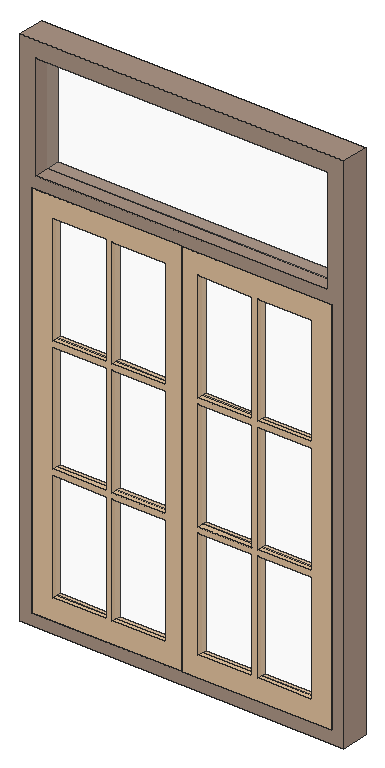
Revit family
Parameters (values of type "1200x1500 mm")
  Ventilator Height = 450 mm
  Top Rail = 60 mm
  Stile = 60 mm
  Material of Shutter = Shutter Material
  Material of Panel = Glass (2)
  Height = 1500 mm
  Frame Width = 60 mm
  Frame Depth = 100 mm
  Material of Frame = Frame Material
  Default Sill Height = 800 mm
  Wall Closure = (empty or 0)
  Width = 1200 mm
  Bottom Rail = 60 mm
Types (4, lengths in mm): name | Width
  (no name) | 1200
  1500x1500 mm | 1500
  1200x1500 mm | 1200
  1800x1500 mm | 1800
Reference planes
  plane 1: y = 0
  plane 2 "Center (Left/Right)": x = 0
  plane 3 "Left": x = -600
  plane 4 "Right": x = 600
  plane 5 "Sill": z = 800
  plane 6 "Head": z = 2300
  plane 7 "Exterior": y = 80
  plane 8 "Interior": y = -70
  plane 9: x = -540
  plane 10: x = 540
  plane 11: y = 50
  plane 12: y = -50
  plane 13: z = 2240
  plane 14: z = 860
  plane 15: x = -480
  plane 16: x = 480
  plane 17: z = 2180
  plane 18: z = 920
  plane 19: x = -60
  plane 20: x = 60
  plane 21: z = 1550
  plane 22: z = 2750
  plane 23: z = 2190
  plane 24: z = 910
  plane 25: z = 1763.333
  plane 26: z = 1336.667
  plane 27: x = -490
  plane 28: x = -50
  plane 29: x = -270
  plane 30: x = 490
  plane 31: x = 50
  plane 32: x = 270
Forms (mm)
  Sweep 1, solid, material "Frame Material"
    path origin (0, 0, 0) x (1, 0, 0) y (0, 0, 1)
      loop
        line (-600, 800) -> (600, 800) -> (600, 2300) -> (-600, 2300) -> (-600, 800)
    profile origin (0, 0, 1550) x (-1, 0, 0) y (0, -1, 0)
      loop
        line (600, 50) -> (555, 50) -> (555, 15) -> (540, 15) -> (540, -50) -> (600, -50) -> (600, 50)
  Extrusion 2, solid, material "Shutter Material" <- "Material of Shutter"
    sketch origin (0, -50, 0) x (1, 0, 0) y (0, 0, 1)
      loop
        line (2.5, 845) -> (555, 845) -> (555, 2255) -> (2.5, 2255) -> (2.5, 845)
      loop
        line (-2.5, 845) -> (-2.5, 2255) -> (-555, 2255) -> (-555, 845) -> (-2.5, 845)
      loop
        line (-480, 2180) -> (-480, 1773.333) -> (-280, 1773.333) -> (-280, 2180) -> (-480, 2180)
      loop
        line (-480, 920) -> (-280, 920) -> (-280, 1326.667) -> (-480, 1326.667) -> (-480, 920)
      loop
        line (-60, 920) -> (-60, 1326.667) -> (-260, 1326.667) -> (-260, 920) -> (-60, 920)
      loop
        line (-60, 2180) -> (-260, 2180) -> (-260, 1773.333) -> (-60, 1773.333) -> (-60, 2180)
      loop
        line (60, 2180) -> (60, 1773.333) -> (260, 1773.333) -> (260, 2180) -> (60, 2180)
      loop
        line (60, 920) -> (260, 920) -> (260, 1326.667) -> (60, 1326.667) -> (60, 920)
      loop
        line (480, 920) -> (480, 1326.667) -> (280, 1326.667) -> (280, 920) -> (480, 920)
      loop
        line (480, 2180) -> (280, 2180) -> (280, 1773.333) -> (480, 1773.333) -> (480, 2180)
      loop
        line (-480, 1753.333) -> (-480, 1346.667) -> (-280, 1346.667) -> (-280, 1753.333) -> (-480, 1753.333)
      loop
        line (-60, 1753.333) -> (-260, 1753.333) -> (-260, 1346.667) -> (-60, 1346.667) -> (-60, 1753.333)
      loop
        line (480, 1753.333) -> (280, 1753.333) -> (280, 1346.667) -> (480, 1346.667) -> (480, 1753.333)
      loop
        line (260, 1753.333) -> (60, 1753.333) -> (60, 1346.667) -> (260, 1346.667) -> (260, 1753.333)
    from 0 to -35
  Sweep 3, solid, material "Frame Material"
    path origin (0, 0, 0) x (1, 0, 0) y (0, 0, 1)
      loop
        line (-600, 2300) -> (-600, 2750) -> (600, 2750) -> (600, 2300)
    profile origin (0, 0, 2525) x (-1, 0, 0) y (0, -1, 0)
      loop
        line (600, -50) -> (600, 50) -> (540, 50) -> (540, -50) -> (600, -50)
  Extrusion 4, solid, material "Glass (2)" <- "Material of Panel"
    sketch origin (0, 0, 0) x (1, 0, 0) y (0, 0, 1)
      loop
        line (-540, 2690) -> (-540, 2300) -> (540, 2300) -> (540, 2690) -> (-540, 2690)
    from -2 to 2
  Extrusion 5, solid, material "Glass (2)" <- "Material of Panel"
    sketch origin (0, -50, 0) x (1, 0, 0) y (0, 0, 1)
      loop
        line (-480, 2180) -> (-480, 1773.333) -> (-280, 1773.333) -> (-280, 2180) -> (-480, 2180)
      loop
        line (-260, 2180) -> (-260, 1773.333) -> (-60, 1773.333) -> (-60, 2180) -> (-260, 2180)
      loop
        line (60, 2180) -> (60, 1773.333) -> (260, 1773.333) -> (260, 2180) -> (60, 2180)
      loop
        line (280, 2180) -> (280, 1773.333) -> (480, 1773.333) -> (480, 2180) -> (280, 2180)
      loop
        line (-480, 1753.333) -> (-480, 1346.667) -> (-280, 1346.667) -> (-280, 1753.333) -> (-480, 1753.333)
      loop
        line (-260, 1753.333) -> (-260, 1346.667) -> (-60, 1346.667) -> (-60, 1753.333) -> (-260, 1753.333)
      loop
        line (60, 1753.333) -> (60, 1346.667) -> (260, 1346.667) -> (260, 1753.333) -> (60, 1753.333)
      loop
        line (280, 1753.333) -> (280, 1346.667) -> (480, 1346.667) -> (480, 1753.333) -> (280, 1753.333)
      loop
        line (-480, 1326.667) -> (-480, 920) -> (-280, 920) -> (-280, 1326.667) -> (-480, 1326.667)
      loop
        line (-260, 1326.667) -> (-260, 920) -> (-60, 920) -> (-60, 1326.667) -> (-260, 1326.667)
      loop
        line (60, 1326.667) -> (60, 920) -> (260, 920) -> (260, 1326.667) -> (60, 1326.667)
      loop
        line (280, 1326.667) -> (280, 920) -> (480, 920) -> (480, 1326.667) -> (280, 1326.667)
    from -16 to -20
Cuts and joins
  joined: Sweep 1, Sweep 3
Lines and regions (mm)
  Opening 1
    outline origin (3500, -70, 0) x (1, 0, 0) y (0, 0, 1)
      loop
        line (-2900, 800) -> (-2900, 2300) -> (-2900, 2750) -> (-4100, 2750) -> (-4100, 2300) -> (-4100, 800) -> (-2900, 800)
  symbolic lines, style "Elevation Swing"
    curve 1: line (-2.5, 0, 2255) -> (-555, 0, 1550)
    curve 2: line (-2.5, 0, 845) -> (-555, 0, 1550)
    curve 3: line (2.5, 0, 845) -> (555, 0, 1550)
    curve 4: line (2.5, 0, 2255) -> (555, 0, 1550)
  symbolic lines, style "WindowsFrameMullionProjection", detail levels medium+fine
    curve 5: line (-600, 50, 0) -> (-540, 50, 0)
    curve 6: line (-540, 50, 0) -> (-540, -15, 0)
    curve 7: line (-555, -15, 0) -> (-540, -15, 0)
    curve 8: line (-555, -15, 0) -> (-555, -50, 0)
    curve 9: line (-600, -50, 0) -> (-555, -50, 0)
    curve 10: line (600, 50, 0) -> (540, 50, 0)
    curve 11: line (540, 50, 0) -> (540, -20, 0)
    curve 12: line (540, -15, 0) -> (555, -15, 0)
    curve 13: line (555, -15, 0) -> (555, -50, 0)
    curve 14: line (555, -50, 0) -> (600, -50, 0)
    curve 15: line (600, -50, 0) -> (600, 50, 0)
    curve 16: line (-600, 50, 0) -> (-600, -50, 0)
  symbolic lines, style "Plan Swing"
    curve 17: line (-555, -15, 0) -> (555, -15, 0)
    curve 18: line (-555, -50, 0) -> (555, -50, 0)
    curve 19: line (0, -50, 0) -> (0, -15, 0)
  symbolic lines, style "WindowsFrameMullionProjection", detail levels coarse
    curve 20: line (-555, -50, 0) -> (-600, -50, 0)
    curve 21: line (-555, 50, 0) -> (-555, -50, 0)
    curve 22: line (-600, 50, 0) -> (-555, 50, 0)
    curve 23: line (-600, -50, 0) -> (-600, 50, 0)
    curve 24: line (555, -50, 0) -> (600, -50, 0)
    curve 25: line (555, 50, 0) -> (555, -50, 0)
    curve 26: line (600, 50, 0) -> (555, 50, 0)
    curve 27: line (600, -50, 0) -> (600, 50, 0)
Text (mm)
  text "EXTERIOR" at (-1963.203, 1332.353, 0), in view "Ref. Level"
  text "INTERIOR" at (-1981.466, -818.386, 0), in view "Ref. Level"
  text "Exterior" at (0, 923.751, 2943.296), in view "Right"
  text "Exterior" at (0, 1040.484, 2685.409), in view "Left"
Dimensions and locks
  equal spacing: plane 3 "Left", plane 2 "Center (Left/Right)", plane 4 "Right"
  "Width": plane 3 "Left" to plane 4 "Right"
  "Height": plane 5 "Sill" to plane 6 "Head"
  "Default Sill Height": plane 5 "Sill" to level
  locked: plane 7 "Exterior" to host wall at 0
  locked: plane 8 "Interior" to host wall
  locked: Sweep 1 sketch curve to Sweep 1 sketch curve at 15
  locked: Sweep 1 sketch curve to Sweep 1 sketch curve at 35
  "Frame Width": plane 3 "Left" to plane 9
  "Frame Width": plane 10 to plane 4 "Right"
  equal spacing: plane 12, plane 1, plane 11
  "Frame Depth": plane 12 to plane 11
  "Frame Width": plane 6 "Head" to plane 13
  "Frame Width": plane 14 to plane 5 "Sill"
  "Stile": plane 15 to plane 9
  "Stile": plane 10 to plane 16
  "Stile": plane 2 "Center (Left/Right)" to plane 19
  "Stile": plane 20 to plane 2 "Center (Left/Right)"
  "Top Rail": plane 13 to plane 17
  "Bottom Rail": plane 18 to plane 14
  equal spacing: plane 6 "Head", plane 21, plane 5 "Sill"
  "Ventilator Height": plane 22 to plane 6 "Head"
  equal spacing: plane 23, plane 25, plane 26, plane 24
  locked: plane 23 to plane 17 at 10
  locked: plane 18 to plane 24 at 10
  equal spacing: plane 28, plane 29, plane 27
  locked: plane 15 to plane 27 at 10
  locked: plane 28 to plane 19 at 10
  equal spacing: plane 31, plane 32, plane 30
  locked: plane 20 to plane 31 at 10
  locked: plane 30 to plane 16 at 10
  locked: Extrusion 5 to Extrusion 2 at 15
  locked: Sweep 1 to Extrusion 5 at 16
  aligned and locked: host wall to Sweep 1 sketch curve
  aligned and locked: Sweep 1 sketch curve to host wall  (x2)
  aligned and locked: plane 12 to Sweep 1 sketch curve
  aligned and locked: Sweep 1 sketch curve to plane 3 "Left"
  aligned and locked: plane 11 to Sweep 1 sketch curve
  aligned and locked: plane 9 to Sweep 1 sketch curve
  aligned and locked: plane 15 to Extrusion 2 sketch curve
  aligned and locked: plane 17 to Extrusion 2 sketch curve  (x2)
  aligned and locked: plane 18 to Extrusion 2 sketch curve  (x2)
  aligned and locked: Extrusion 2 sketch curve to plane 19
  aligned and locked: plane 20 to Extrusion 2 sketch curve
  aligned and locked: Extrusion 2 sketch curve to plane 16
  aligned and locked: Extrusion 2 to curve 1
  aligned and locked: curve 1 to Sweep 1
  aligned and locked: curve 2 to Extrusion 2
  aligned and locked: Extrusion 2 to curve 3
  aligned and locked: Sweep 1 to curve 3
  aligned and locked: curve 4 to Extrusion 2
  aligned and locked: curve 5 to Sweep 1
  aligned and locked: curve 6 to Sweep 1
  aligned and locked: curve 7 to Sweep 1
  aligned and locked: Sweep 1 to curve 9
  aligned and locked: Sweep 1 to curve 10
  aligned and locked: curve 11 to Sweep 1
  aligned and locked: curve 11 to curve 12
  aligned and locked: Sweep 1 to curve 12
  aligned and locked: Sweep 1 to curve 13
  aligned and locked: curve 15 to Sweep 1
  aligned and locked: Opening 1 sketch curve to plane 3 "Left"
  aligned and locked: plane 22 to Opening 1 sketch curve
  aligned and locked: Sweep 3 sketch curve to host wall  (x3)
  aligned and locked: Sweep 3 sketch curve to Sweep 1  (x3)
  aligned and locked: Sweep 3 sketch curve to plane 3 "Left"
  aligned and locked: Extrusion 4 sketch curve to Sweep 3  (x3)
  aligned and locked: Sweep 1 to Extrusion 4 sketch curve
  aligned and locked: Extrusion 2 to Extrusion 5 sketch curve  (x12)
  aligned and locked: Extrusion 5 sketch curve to Extrusion 2  (x36)
  aligned and locked: curve 7 to curve 17
  aligned and locked: plane 12 to curve 18
  aligned and locked: plane 2 "Center (Left/Right)" to curve 19
  aligned and locked: Sweep 1 to curve 23
  aligned and locked: curve 27 to Sweep 1
Automatic sketch dimensions
  curve 2 to plane 21 = 0 mm
  curve 4 to plane 21 = 0 mm
  curve 1 to plane 13 = 15 mm
  curve 4 to curve 1 = 0 mm
  plane 14 to curve 3 = 15 mm
  curve 2 to curve 3 = 0 mm
  Opening 1 sketch curve to plane 4 "Right" = 0 mm
  Opening 1 sketch curve to plane 5 "Sill" = 0 mm
  Opening 1 sketch curve to plane 6 "Head" = 0 mm  (x2)
  Sweep 1 sketch curve to plane 6 "Head" = 0 mm
  Sweep 3 sketch curve to plane 6 "Head" = 0 mm  (x2)
  Extrusion 2 sketch curve to plane 9 = 15 mm
  Extrusion 2 sketch curve to plane 2 "Center (Left/Right)" = 2.5 mm
  plane 2 "Center (Left/Right)" to Extrusion 2 sketch curve = 2.5 mm
  plane 10 to Extrusion 2 sketch curve = 15 mm
  plane 14 to Extrusion 2 sketch curve = 15 mm
  Extrusion 2 sketch curve to Extrusion 2 sketch curve = 0 mm
  plane 26 to Extrusion 2 sketch curve = 10 mm  (x4)
  Extrusion 2 sketch curve to plane 26 = 10 mm  (x4)
  plane 25 to Extrusion 2 sketch curve = 10 mm  (x4)
  Extrusion 2 sketch curve to plane 25 = 10 mm  (x4)
  Extrusion 2 sketch curve to plane 13 = 15 mm  (x2)
  plane 29 to Extrusion 2 sketch curve = 10 mm  (x3)
  Extrusion 2 sketch curve to plane 15 = 0 mm  (x2)
  Extrusion 2 sketch curve to plane 19 = 0 mm  (x2)
  Extrusion 2 sketch curve to plane 17 = 0 mm  (x2)
  Extrusion 2 sketch curve to plane 29 = 10 mm  (x3)
  Extrusion 2 sketch curve to plane 18 = 0 mm  (x2)
  plane 32 to Extrusion 2 sketch curve = 10 mm  (x3)
  Extrusion 2 sketch curve to plane 32 = 10 mm  (x3)
  Extrusion 2 sketch curve to plane 20 = 0 mm  (x2)
  Extrusion 2 sketch curve to plane 16 = 0 mm  (x2)
  plane 1 to Sweep 3 sketch curve = 50 mm
  plane 10 to curve 18 = 15 mm
  curve 11 to curve 12 = 5 mm
  plane 1 to curve 7 = 15 mm
